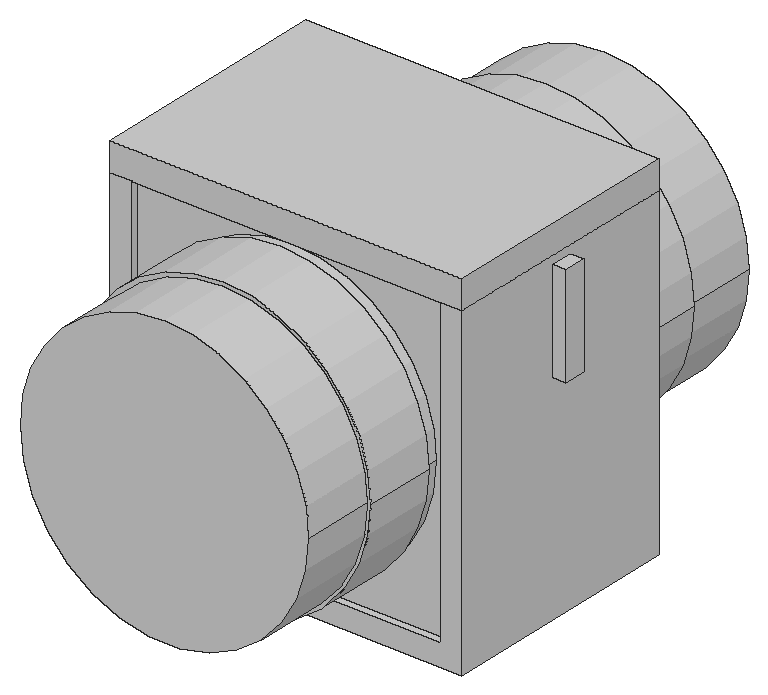
Revit family "НЕВАТОМ_Фильтр-бокс D FVGU, Версия 2", category Арматура воздуховодов, Revit 2017
Family settings
  Размер круглого соединителя = Использовать диаметр
  Тип детали = Вставляется
  На основе рабочей плоскости = Нет
  Всегда вертикально = Нет
  При загрузке вырезать с полостями = Нет
  Общий = Нет
Parameters (values of type "Фильтр-бокс FVGU-200")
  Расход [instance] = 0.0 m³/h
  Материал = Сталь оцинкованная
  Nevatom_URL = "https://t.me/NEVATOM_Bim_bot"
  L = 180 mm
  Dр [instance] = D + 5 mm  # 205 mm
  D [instance] = 200 mm
  B = 246 mm
  ADSK_Расход воздуха = 280.0 m³/h
  ADSK_Размер_Ширина [instance] = L  # 180 mm
  ADSK_Размер_Длина [instance] = A  # 244 mm
  ADSK_Размер_Высота [instance] = B  # 246 mm
  ADSK_Примечание = ""
  ADSK_Потеря давления воздуха = 0.0 Pa
  ADSK_Позиция = ""
  ADSK_Наименование [instance] = "Фильтр-бокс FVGU-200"
  ADSK_Материал наименование = "Оцинкованная сталь"  # constant formula
  ADSK_Марка = "FVGU-200"
  ADSK_Количество = 1  # constant formula
  ADSK_Код изделия = ""
  ADSK_Завод-изготовитель = "НЕВАТОМ"  # constant formula
  ADSK_Единица измерения = "шт."  # constant formula
  A = 244 mm
Types (9, lengths in mm): name | L | Dр | D | B | ADSK_Расход воздуха | ADSK_Размер_Ширина | ADSK_Размер_Длина | ADSK_Размер_Высота | ADSK_Наименование | ADSK_Марка | A
  Фильтр-бокс FVGU-100 | 100 | 105 | 100 | 202 | 70.0 m³/h | 100 | 200 | 202 | "Фильтр-бокс FVGU-100" | "FVGU-100" | 200
  Фильтр-бокс FVGU-125 | 180 | 130 | 125 | 202 | 110.0 m³/h | 180 | 200 | 202 | "Фильтр-бокс FVGU-125" | "FVGU-125" | 200
  Фильтр-бокс FVGU-160 | 180 | 165 | 160 | 202 | 180.0 m³/h | 180 | 200 | 202 | "Фильтр-бокс FVGU-160" | "FVGU-160" | 200
  Фильтр-бокс FVGU-200 | 180 | 205 | 200 | 246 | 280.0 m³/h | 180 | 244 | 246 | "Фильтр-бокс FVGU-200" | "FVGU-200" | 244
  Фильтр-бокс FVGU-250 | 180 | 255 | 250 | 296 | 440.0 m³/h | 180 | 294 | 296 | "Фильтр-бокс FVGU-250" | "FVGU-250" | 294
  Фильтр-бокс FVGU-315 | 180 | 320 | 315 | 345 | 700.0 m³/h | 180 | 343 | 345 | "Фильтр-бокс FVGU-315" | "FVGU-315" | 343
  Фильтр-бокс FVGU-355 | 140 | 360 | 355 | 395 | 850.0 m³/h | 140 | 393 | 395 | "Фильтр-бокс FVGU-355" | "FVGU-355" | 393
  Фильтр-бокс FVGU-400 | 140 | 405 | 400 | 450 | 1100.0 m³/h | 140 | 448 | 450 | "Фильтр-бокс FVGU-400" | "FVGU-400" | 448
  Фильтр-бокс FVGU-500 | 140 | 505 | 500 | 556 | 1750.0 m³/h | 140 | 550 | 556 | "Фильтр-бокс FVGU-500" | "FVGU-500" | 550
Reference planes
  plane 1 "По центру (Вперед/Назад)": y = 0
  plane 2: z = 0
  plane 3 "По центру (Влево/Вправо)": x = 0
  plane 4: y = 85
  plane 5: y = -85
  plane 6: y = 80
  plane 7: y = -80
  plane 8: x = 122
  plane 9: x = -122
  plane 10: x = 699.061
  plane 11: x = -480
  plane 12: y = 190
  plane 13: y = -190
  plane 14 "верх кор": z = 103
  plane 15: z = 123
  plane 16: y = 90
  plane 17: y = -90
  plane 18: z = 0
  plane 19: z = -123
Forms (mm)
  Extrusion 1, solid, material "Сталь оцинкованная" <- "Материал"
    sketch origin (0, 0, -278) x (1, 0, 0) y (0, 0, 1)
      loop
        line (-122, 381) -> (-122, 155) -> (122, 155) -> (122, 381) -> (107, 381) -> (107, 170) -> (-107, 170) -> (-107, 381) -> (-122, 381)
    from -85 to 85
  Extrusion 2, solid, material "Сталь оцинкованная" <- "Материал"
    sketch origin (0, 0, -278) x (1, 0, 0) y (0, 0, 1)
      loop
        line (-122, 401) -> (-122, 381) -> (122, 381) -> (122, 401) -> (-122, 401)
    from -85 to 85
  Extrusion 3, solid, material "Сталь оцинкованная" <- "Материал"
    sketch origin (0, 0, -278) x (1, 0, 0) y (0, 0, 1)
      loop
        line (-107, 381) -> (-107, 170) -> (107, 170) -> (107, 381) -> (-107, 381)
    from -80 to 80
  Extrusion 4, solid, material "Сталь оцинкованная" <- "Материал"
    sketch origin (0, 0, -278) x (1, 0, 0) y (0, 0, 1)
      loop
        line (122, 376) -> (122, 306) -> (132, 306) -> (132, 376) -> (122, 376)
    from -7.626 to 7.626
  Extrusion 5, solid, material "Сталь оцинкованная" <- "Материал"
    sketch origin (0, 0, -278) x (1, 0, 0) y (0, 0, 1)
      loop
        circle (0, 278) r 100
    from -190 to 190
  Extrusion 6, solid, material "Сталь оцинкованная" <- "Материал"
    sketch origin (0, 0, -278) x (1, 0, 0) y (0, 0, 1)
      loop
        circle (0, 278) r 102.5
    from 90 to 140
  Extrusion 7, solid, material "Сталь оцинкованная" <- "Материал"
    sketch origin (0, 0, -278) x (1, 0, 0) y (0, 0, -1)
      loop
        circle (0, -278) r 102.5
    from 90 to 140
Cuts and joins
  joined: Extrusion 3, Extrusion 5
Dimensions and locks
  equal spacing: plane 8, plane 3 "По центру (Влево/Вправо)", plane 9
  "A": plane 8 to plane 9
  Extrusion 1 sketch curve to Extrusion 1 sketch curve = 15 mm  (x3)
  locked: plane 15 to plane 14 "верх кор" at 20
  "L": plane 16 to plane 17
  locked: plane 4 to plane 6 at 5
  locked: plane 7 to plane 5 at 5
  equal spacing: plane 4, plane 1 "По центру (Вперед/Назад)", plane 5
  locked: plane 5 to plane 17 at 5
  locked: plane 16 to plane 4 at 5
  locked: plane 14 "верх кор" to Extrusion 4 sketch curve at 5
  equal spacing: Extrusion 4, plane 1 "По центру (Вперед/Назад)", Extrusion 4, locked at 7.626 each
  locked: plane 8 to Extrusion 4 at 10
  locked: plane 12 to plane 16 at 100
  locked: plane 17 to plane 13 at 100
  equal spacing: plane 17, Extrusion 6, plane 13
  equal spacing: plane 12, Extrusion 7, plane 16
  equal spacing: plane 15, level, plane 19
  "B": plane 15 to plane 19
  locked: plane 14 "верх кор" to Extrusion 4 at 75
  "D": diameter of Extrusion 5 sketch curve
  "Dр": diameter of Extrusion 6 sketch curve
  "Dр": diameter of Extrusion 7 sketch curve
  aligned and locked: level to plane 2
  aligned and locked: plane 14 "верх кор" to Extrusion 1 sketch curve  (x2)
  aligned and locked: plane 8 to Extrusion 1 sketch curve
  aligned and locked: Extrusion 1 sketch curve to plane 9
  aligned and locked: plane 4 to Extrusion 1
  aligned and locked: Extrusion 1 to plane 5
  aligned and locked: plane 14 "верх кор" to Extrusion 2 sketch curve
  aligned and locked: Extrusion 2 sketch curve to plane 15
  aligned and locked: Extrusion 2 sketch curve to plane 8
  aligned and locked: plane 9 to Extrusion 2 sketch curve
  aligned and locked: plane 4 to Extrusion 2
  aligned and locked: Extrusion 2 to plane 5
  aligned and locked: Extrusion 1 to Extrusion 3 sketch curve
  aligned and locked: Extrusion 3 sketch curve to Extrusion 1  (x2)
  aligned and locked: Extrusion 2 to Extrusion 3 sketch curve
  aligned and locked: plane 6 to Extrusion 3
  aligned and locked: Extrusion 3 to plane 7
  aligned and locked: Extrusion 4 to Extrusion 1
  aligned and locked: plane 12 to Extrusion 5
  aligned and locked: Extrusion 5 to plane 13
  aligned and locked: plane 17 to Extrusion 6
  aligned and locked: Extrusion 7 to plane 16
  aligned and locked: Extrusion 1 to plane 19  (x2)
  aligned and locked: plane 8 to Extrusion 1
  aligned and locked: Extrusion 1 to plane 9
Automatic sketch dimensions
  Extrusion 4 sketch curve to plane 8 = 0 mm
  plane 8 to Extrusion 4 sketch curve = 10 mm
  plane 18 to Extrusion 4 sketch curve = 28 mm
  Extrusion 1 sketch curve to level = 108 mm
  Extrusion 5 sketch curve to level = 0 mm
  Extrusion 5 sketch curve to plane 3 "По центру (Влево/Вправо)" = 0 mm
  Extrusion 6 sketch curve to level = 0 mm
  Extrusion 6 sketch curve to plane 3 "По центру (Влево/Вправо)" = 0 mm
  Extrusion 7 sketch curve to level = 0 mm
  Extrusion 7 sketch curve to plane 3 "По центру (Влево/Вправо)" = 0 mm
Connectors
  hvac at (0, 190, 0), driven by "D", driven by "Расход"
    settings: on cut or joined group of Extrusion 3, Extrusion 5, index 1, duct flow 0.0 m³/h, flow factor 0, pres drop 0.0 Pa, loss coef 0, conn angle 0.00°, conn width 304.8 mm, conn height 304.8 mm, conn diameter 200 mm, duct sys type 29, conn prof type 0, flow config 0, flow direction 0, loss method 0, conn ref index 2, conn util no, is conn primary yes, conn desc ""
  hvac at (0, -190, 0), driven by "D", driven by "Расход"
    settings: on cut or joined group of Extrusion 3, Extrusion 5, index 2, duct flow 0.0 m³/h, flow factor 0, pres drop 0.0 Pa, loss coef 0, conn angle 0.00°, conn width 304.8 mm, conn height 304.8 mm, conn diameter 200 mm, duct sys type 29, conn prof type 0, flow config 0, flow direction 0, loss method 0, conn ref index 1, conn util no, is conn primary no, conn desc ""
